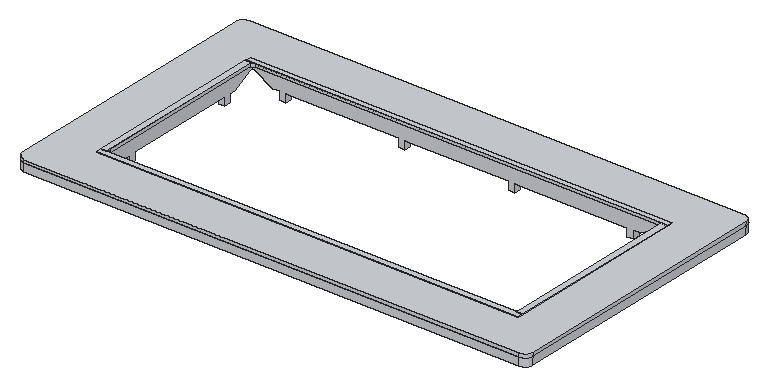
Revit family "Gira_1002295", category Electrical Fixtures, host Face, Revit 2017
Family settings
  Host = Face
  Maintain Annotation Orientation = No
  Round Connector Dimension = Use Diameter
  Part Type = Normal
  Cut with Voids When Loaded = No
  Shared = No
  Room Calculation Point = No
Parameters (values of type "Cov.fr. 2-g w/o cb flat Gira E2 p.white")
  With mounting grid = "No"
  With hinged lid = "No"
  URL = "http://katalog.gira.de/en/datenblatt.html?artikelnr=1002295"
  Type of fastening = "Clamp mounting"
  Transparent = "No"
  Surface protection = "Other"
  Surface finishing = "Glossy"
  Suitable for wall duct = "No"
  Suitable for flush-mounted installation = "Yes"
  Suitable for floor box = "No"
  Suitable for built-in installation = "No"
  RAL-number (akin) = "9010"
  Number of units vertical = "2"
  Number of units horizontal = "2"
  Number of units = "2"
  Name = "Cov.fr. 2-g w/o cb flat Gira E2 p.white"
  Mounting direction = "Horizontal and vertical"
  Material quality = "Thermoplastic"
  Material = "Plastic"
  Manufacturer URL = "https://www.gira.de/"
  Manufacturer = "Gira"
  Label space/information surface = "No"
  Keynote = ""
  HeinzeBIM = "https://bimportal.heinze.de/bim/cov-fr-2-g-w-o-cb-flat-gira-e2-p-white/7b8852a3c1bb2266eaf3566c4442a999fbe32c6e"
  Halogen free = "Yes"
  HAN = "1002295"
  GTIN = "4010337022251"
  Description = "Cov.fr.2g w o cb flat E2 PW,Gira E2 cover frame for flat installation,pure white glossy,2-gang without crossbar,"
  Degree of protection (IP) = "IP20"
  Default Elevation = 1219.2 mm
  Data sheet (1) = "https://katalog.gira.de/en/download.html?artikelnr=1002295"
  Colour = "White"
  Category = "Cover frame for domestic switching devices"
  BIM (1) = "https://media.stage.bim.site/public/gira/36a6b08/E2flach_Rahmen_2fach o.Mittelsteg.rfa?public/gira/36a6b08/E2flach_Rahmen_2fach o.Mittelsteg.rfa"
  Available = "No"
Reference planes
  plane 1 "Center (Front/Back)": y = 0
  plane 2: z = 0
  plane 3 "Center (Left/Right)": x = 0
Forms (mm)
  Extrusion 1, solid, detail levels fine
    sketch origin (0, 0, 0) x (1, 0, 0) y (0, 1, 0)
      loop
        arc (-77, 43.9) -> (-78.768, 43.168) -> (-79.5, 41.4) r 2.5
        line (-79.5, 41.4) -> (-79.5, -41.4)
        arc (-79.5, -41.4) -> (-78.768, -43.168) -> (-77, -43.9) r 2.5
        line (-77, -43.9) -> (77, -43.9)
        arc (77, -43.9) -> (78.768, -43.168) -> (79.5, -41.4) r 2.5
        line (79.5, -41.4) -> (79.5, 41.4)
        arc (79.5, 41.4) -> (78.768, 43.168) -> (77, 43.9) r 2.5
        line (77, 43.9) -> (-77, 43.9)
      loop
        spline (-63.744, -27.245) -> (-63.736, -27.363) -> (-63.713, -27.478) -> (-63.675, -27.589) -> (-63.623, -27.695) -> (-63.558, -27.792) -> (-63.481, -27.881) -> (-63.392, -27.958) -> (-63.295, -28.023) -> (-63.189, -28.075) -> (-63.078, -28.113) -> (-62.963, -28.136) -> (-62.845, -28.144)
        line (-62.845, -28.144) -> (62.845, -28.144)
        spline (62.845, -28.144) -> (62.963, -28.136) -> (63.078, -28.113) -> (63.189, -28.075) -> (63.295, -28.023) -> (63.392, -27.958) -> (63.481, -27.881) -> (63.558, -27.792) -> (63.623, -27.695) -> (63.675, -27.589) -> (63.713, -27.478) -> (63.736, -27.363) -> (63.744, -27.245)
        line (63.744, -27.245) -> (63.744, 27.245)
        spline (63.744, 27.245) -> (63.736, 27.363) -> (63.713, 27.478) -> (63.675, 27.589) -> (63.623, 27.695) -> (63.558, 27.792) -> (63.481, 27.881) -> (63.392, 27.958) -> (63.295, 28.023) -> (63.189, 28.075) -> (63.078, 28.113) -> (62.963, 28.136) -> (62.845, 28.144)
        line (62.845, 28.144) -> (-62.845, 28.144)
        spline (-62.845, 28.144) -> (-62.963, 28.136) -> (-63.078, 28.113) -> (-63.189, 28.075) -> (-63.295, 28.023) -> (-63.392, 27.958) -> (-63.481, 27.881) -> (-63.558, 27.792) -> (-63.623, 27.695) -> (-63.675, 27.589) -> (-63.713, 27.478) -> (-63.736, 27.363) -> (-63.744, 27.245)
        line (-63.744, 27.245) -> (-63.744, -27.245)
    from 2.5 to 3.4
  Extrusion 2, solid, detail levels fine
    sketch origin (0, 0, 0) x (1, 0, 0) y (0, 1, 0)
      loop
        arc (-77, 43.9) -> (-78.768, 43.168) -> (-79.5, 41.4) r 2.5
        line (-79.5, 41.4) -> (-79.5, -41.4)
        arc (-79.5, -41.4) -> (-78.768, -43.168) -> (-77, -43.9) r 2.5
        line (-77, -43.9) -> (77, -43.9)
        arc (77, -43.9) -> (78.768, -43.168) -> (79.5, -41.4) r 2.5
        line (79.5, -41.4) -> (79.5, 41.4)
        arc (79.5, 41.4) -> (78.768, 43.168) -> (77, 43.9) r 2.5
        line (77, 43.9) -> (-77, 43.9)
      loop
        arc (-77, 43.4) -> (-78.414, 42.814) -> (-79, 41.4) r 2
        line (-79, 41.4) -> (-79, -41.4)
        arc (-79, -41.4) -> (-78.414, -42.814) -> (-77, -43.4) r 2
        line (-77, -43.4) -> (77, -43.4)
        arc (77, -43.4) -> (78.414, -42.814) -> (79, -41.4) r 2
        line (79, -41.4) -> (79, 41.4)
        arc (79, 41.4) -> (78.414, 42.814) -> (77, 43.4) r 2
        line (77, 43.4) -> (-77, 43.4)
    from 0 to 2.5
  Extrusion 3, solid, detail levels fine
    sketch origin (35.6, 0, 0) x (0, -1, 0) y (0, 0, -1)
      loop
        line (-17.5, 4.06) -> (-19.5, 4.06) -> (-19.5, 1.56) -> (-21.654, 1.56) -> (-27.214, -1.65) -> (-28.144, -1.65) -> (-28.144, -3.4) -> (28.144, -3.4) -> (28.144, -1.65) -> (27.214, -1.65) -> (21.654, 1.56) -> (19.5, 1.56) -> (19.5, 4.06) -> (17.5, 4.06) -> (17.5, 1.56) -> (-17.5, 1.56) -> (-17.5, 4.06)
    from 28.144 to 30
  Extrusion 4, solid, detail levels fine
    sketch origin (0, 0, 0) x (1, 0, 0) y (0, 0, -1)
      loop
        line (-53.1, 4.06) -> (-55.1, 4.06) -> (-55.1, 1.56) -> (-57.254, 1.56) -> (-62.814, -1.65) -> (-65.6, -1.65) -> (-65.6, -3.4) -> (65.6, -3.4) -> (65.6, -1.65) -> (62.814, -1.65) -> (57.254, 1.56) -> (55.1, 1.56) -> (55.1, 4.06) -> (53.1, 4.06) -> (53.1, 1.56) -> (18.1, 1.56) -> (18.1, 4.042) -> (16.1, 4.042) -> (16.1, 1.542) -> (-16.1, 1.542) -> (-16.1, 4.042) -> (-18.1, 4.042) -> (-18.1, 1.56) -> (-53.1, 1.56) -> (-53.1, 4.06)
    from 28.144 to 30
  Extrusion 5, solid, detail levels coarse
    sketch origin (0, 0, 0) x (1, 0, 0) y (0, 1, 0)
      loop
        line (-79.5, 43.9) -> (-79.5, -43.9) -> (79.5, -43.9) -> (79.5, 43.9) -> (-79.5, 43.9)
    from -4.06 to 3.4
  Extrusion 6, solid, detail levels medium
    sketch origin (0, 0, 0) x (1, 0, 0) y (0, 1, 0)
      loop
        line (-79.5, 43.9) -> (-79.5, -43.9) -> (79.5, -43.9) -> (79.5, 43.9) -> (-79.5, 43.9)
    from 0 to 3.4
  Extrusion 7, solid, detail levels medium
    sketch origin (0, 0, 0) x (1, 0, 0) y (0, 0, -1)
      loop
        line (-53.1, 4.06) -> (-55.1, 4.06) -> (-55.1, 1.56) -> (-65.6, 1.56) -> (-65.6, -3.4) -> (65.6, -3.4) -> (65.6, 1.56) -> (55.1, 1.56) -> (55.1, 4.06) -> (53.1, 4.06) -> (53.1, 1.56) -> (18.1, 1.56) -> (18.1, 4.06) -> (16.1, 4.06) -> (16.1, 1.542) -> (-16.1, 1.542) -> (-16.1, 4.06) -> (-18.1, 4.06) -> (-18.1, 1.56) -> (-53.1, 1.56) -> (-53.1, 4.06)
    from 28.144 to 30
  Extrusion 8, solid, detail levels medium
    sketch origin (35.6, 0, 0) x (0, -1, 0) y (0, 0, -1)
      loop
        line (-17.5, 4.06) -> (-19.5, 4.06) -> (-19.5, 1.56) -> (-28.144, 1.56) -> (-28.144, -3.4) -> (28.144, -3.4) -> (28.144, 1.56) -> (19.5, 1.56) -> (19.5, 4.06) -> (17.5, 4.06) -> (17.5, 1.56) -> (-17.5, 1.56) -> (-17.5, 4.06)
    from 28.144 to 30
  Extrusion 9, solid, detail levels fine
    sketch origin (0, 0, 0) x (1, 0, 0) y (0, 0, 1)
      loop
        line (-53.1, -4.06) -> (-53.1, -1.56) -> (-18.1, -1.56) -> (-18.1, -4.042) -> (-16.1, -4.042) -> (-16.1, -1.542) -> (16.1, -1.542) -> (16.1, -4.042) -> (18.1, -4.042) -> (18.1, -1.56) -> (53.1, -1.56) -> (53.1, -4.06) -> (55.1, -4.06) -> (55.1, -1.56) -> (57.254, -1.56) -> (62.814, 1.65) -> (65.6, 1.65) -> (65.6, 3.4) -> (-65.6, 3.4) -> (-65.6, 1.65) -> (-62.814, 1.65) -> (-57.254, -1.56) -> (-55.1, -1.56) -> (-55.1, -4.06) -> (-53.1, -4.06)
    from 28.144 to 30
  Extrusion 10, solid, detail levels medium
    sketch origin (0, 0, 0) x (1, 0, 0) y (0, 0, 1)
      loop
        line (-53.1, -4.06) -> (-53.1, -1.56) -> (-18.1, -1.56) -> (-18.1, -4.06) -> (-16.1, -4.06) -> (-16.1, -1.542) -> (16.1, -1.542) -> (16.1, -4.06) -> (18.1, -4.06) -> (18.1, -1.56) -> (53.1, -1.56) -> (53.1, -4.06) -> (55.1, -4.06) -> (55.1, -1.56) -> (65.6, -1.56) -> (65.6, 3.4) -> (-65.6, 3.4) -> (-65.6, -1.56) -> (-55.1, -1.56) -> (-55.1, -4.06) -> (-53.1, -4.06)
    from 28.144 to 30
  Extrusion 11, solid, detail levels fine
    sketch origin (-35.6, 0, 0) x (0, -1, 0) y (0, 0, 1)
      loop
        line (-17.5, -4.06) -> (-17.5, -1.56) -> (17.5, -1.56) -> (17.5, -4.06) -> (19.5, -4.06) -> (19.5, -1.56) -> (21.654, -1.56) -> (27.214, 1.65) -> (28.144, 1.65) -> (28.144, 3.4) -> (-28.144, 3.4) -> (-28.144, 1.65) -> (-27.214, 1.65) -> (-21.654, -1.56) -> (-19.5, -1.56) -> (-19.5, -4.06) -> (-17.5, -4.06)
    from 28.144 to 30
  Extrusion 12, solid, detail levels medium
    sketch origin (-35.6, 0, 0) x (0, -1, 0) y (0, 0, 1)
      loop
        line (-17.5, -4.06) -> (-17.5, -1.56) -> (17.5, -1.56) -> (17.5, -4.06) -> (19.5, -4.06) -> (19.5, -1.56) -> (28.144, -1.56) -> (28.144, 3.4) -> (-28.144, 3.4) -> (-28.144, -1.56) -> (-19.5, -1.56) -> (-19.5, -4.06) -> (-17.5, -4.06)
    from 28.144 to 30
Dimensions and locks
  aligned and locked: plane 2 to host face
  aligned and locked: level to host face
